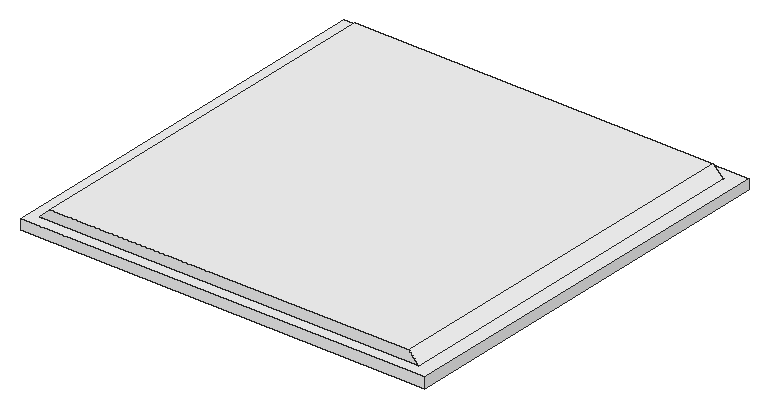
Revit family "JIMMY-PANEL_LED_40W_BACKLIGHT_3795LM_3000K_UGR19_595X593_3_ANS_G", category Lighting Fixtures, host Ceiling, Revit 2021
Family settings
  Host = Ceiling
  Round Connector Dimension = Use Diameter
  Part Type = Normal
  OmniClass Number = 23.80.70.11
  OmniClass Title = Luminaries for Internal Lighting
  Always vertical = Yes
  Cut with Voids When Loaded = No
  Light Source = Yes
  Shared = No
  Room Calculation Point = No
Parameters (values of type "Type 1")
  Wattage Comments = "40W"
  Wattage = 26.7601 W
  built-in parameter 1150110 = 1 (stored number, unit not read)
  URL = "https://www.lucera.fr/"
  built-in parameter 1114217 = 1 (stored number, unit not read)
  Tilt Angle = 90.00°
  built-in parameter 1150109 = 1 (stored number, unit not read)
  built-in parameter 1150134 = (empty or 0)
  built-in parameter 1150113 = 1 (stored number, unit not read)
  SDCM = "<3"
  Puissance nominale = "40W"
  Photometric Web File = "google_eulumdat_converter.ies"
  Matériau = "aluminium laqué blanc"
  Manufacturer = "Lucera - Lucera (c) 06/01/2021 16:37:56 +01:00"  # constant formula
  Maintien du flux = "L80B10 (50 000 heures)"
  Lumens = 3975 lm
  built-in parameter 1150115 = 1 (stored number, unit not read)
  built-in parameter 1150105 = 316.32 (stored number, unit not read)
  built-in parameter 1150137 = (empty or 0)
  built-in parameter 1150139 = (empty or 0)
  built-in parameter 1150112 = 1 (stored number, unit not read)
  built-in parameter 1150114 = 1 (stored number, unit not read)
  Lamp = "LED San’an 100lm/W"
  built-in parameter 1150132 = 2
  built-in parameter 1150102 = (empty or 0)
  built-in parameter 1150138 = (empty or 0)
  built-in parameter 1150107 = 3000 (stored number, unit not read)
  built-in parameter 1150106 = 3.1632 (stored number, unit not read)
  IRC = ">80"
  Emit from Rectangle Width = 609.6 mm
  Emit from Rectangle Length = 1219.2 mm
  Emit Shape Visible in Rendering = no
  built-in parameter 1150104 = 13.8 (stored number, unit not read)
  Durée de vie = "50 000 heures"
  Driver = "Driver classe 2 marque Lifud no-flicker avec connecteur rapide/ option DALI\r\n Driver classe 2 marque Lifud no-flicker avec connecteur rapide/ option DALI\r\n connecteur rapide/ op�on DALI"
  Dimming Lamp Color Temperature Shift = <None>
  Dimensions d’encastrement = "595 x 595 x 30 mm"
  Dimensions = "595 x 595 x 30 mm"
  Diffuseur = "Diffuseur prismatique"
  Default Elevation = 0 mm
  Color Filter = 16777215
  built-in parameter 1114218 = 1 (stored number, unit not read)
  built-in parameter 1150133 = 10 (stored number, unit not read)
  Angle d'éclairage = "90°"
  Alimentation luminaire = "33-40V dc / 1000 mA"
  Alimentation Driver = "220-240V AC"
Reference planes
  plane 1 "Light Source Axis (F/B)": y = 0
  plane 2: z = 0
  plane 3 "Light Source Axis (L/R)": x = 0
  plane 4 "Ceiling": z = 4000
  plane 5 "Light Source Elevation": z = 3988.813
Forms (mm)
  Extrusion 1, solid, material "Aluminum laqué blanc"
    sketch origin (-2.5, 0, 3985) x (0, 1, 0) y (-1, 0, 0)
      loop
        line (295, 297.5) -> (-300, 297.5) -> (-300, -297.5) -> (295, -297.5) -> (295, 297.5)
      loop
        line (277.006, 278.742) -> (-282.994, 278.742) -> (-282.994, -276.258) -> (277.006, -276.258) -> (277.006, 278.742)
    from 0 to 15
  Extrusion 2, solid, material "Aluminum laqué blanc"
    sketch origin (-1.332, 0, 0) x (1, 0, 0) y (0, 0, 1)
      loop
        line (273.758, 4000) -> (258.758, 4015) -> (-268.668, 4015) -> (-283.668, 4000) -> (273.758, 4000)
    from -277.006 to 282.994
  Extrusion 3, solid, material "Glass, White, High Luminance"
    sketch origin (0, 0, 4000) x (0, 1, 0) y (-1, 0, 0)
      loop
        line (277.006, 281.242) -> (-282.994, 281.242) -> (-282.994, -272.426) -> (277.006, -272.426) -> (277.006, 281.242)
    from -16.671 to -11.187
Lines and regions (mm)
  reference lines
    curve 1: line (0, 325, 3983.329) -> (0, 325, 4013.329)
    curve 2: line (0, 325, 4013.329) -> (0, -300, 4013.329)
    curve 3: line (0, -300, 4013.329) -> (0, -300, 3983.329)
    curve 4: line (0, -300, 4000) -> (297.5, -300, 4000)
    curve 5: line (297.5, -300, 4000) -> (297.5, 295, 4000)
    curve 6: line (297.5, 295, 4000) -> (-297.5, 295, 4000)
    curve 7: line (-297.5, 295, 4000) -> (-297.5, -300, 4000)
    curve 8: line (-297.5, -300, 4000) -> (0, -300, 4000)
    curve 9: line (257.426, 0, 4015) -> (295, 0, 4015)
    curve 10: line (295, 0, 4015) -> (-300, 0, 4015)
    curve 11: line (-300, 0, 4015) -> (-300, 0, 3985)
Dimensions and locks
  equal spacing: host sketch curve, plane 3 "Light Source Axis (L/R)", host sketch curve
  equal spacing: host sketch curve, plane 1 "Light Source Axis (F/B)", host sketch curve
  host sketch curve to host sketch curve = 4000 mm  (x2)
  plane 4 "Ceiling" to host ceiling = 0 mm
  aligned and locked: plane 3 "Light Source Axis (L/R)" to imposter light
  aligned and locked: plane 1 "Light Source Axis (F/B)" to imposter light
  aligned and locked: plane 5 "Light Source Elevation" to imposter light
